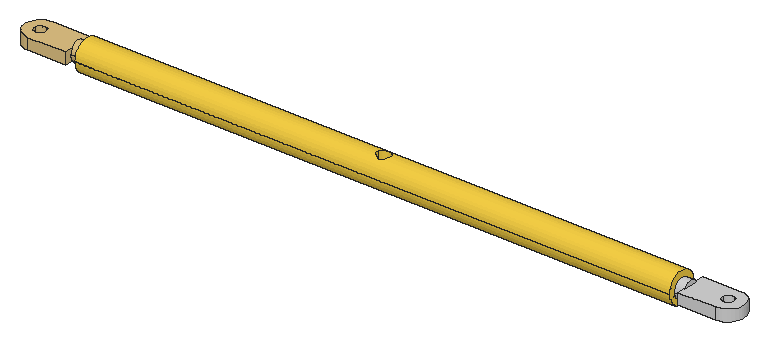
Revit family "PUSH-PULL PROP 1,1-1,7_1900134", category Generic Models, Revit 2018
Family settings
  Can host rebar = No
  Round Connector Dimension = Use Diameter
  Part Type = Normal
  OmniClass Number = 35.51.14.00
  OmniClass Title = FORMWORK
  Work Plane-Based = Yes
  Always vertical = No
  Cut with Voids When Loaded = No
  Shared = Yes
  Room Calculation Point = No
Parameters
  VERSION = "20190101"  # constant formula
  URL = "www.ulmaconstruction.com/en"
  UNICLASS = ""
  Manufacturer = "ULMA CONSTRUCTION"  # constant formula
  MIN LENGTH = 1100.000 mm
  MAX LENGTH = 1700.000 mm
  LENGTH [instance] = 1100.000 mm
  ITEM_LENGTH [instance] = if(LENGTH < MIN LENGTH, MIN LENGTH, if(LENGTH < MAX LENGTH, LENGTH, MAX LENGTH))  # 1100.000 mm
  FILTER [instance] = ""
  Default Elevation = 0.000 mm
  CLASSIFICATION_TITLE = ""
  CLASSIFICATION_NUMBER = ""
Reference planes
  plane 1 "Centro (Frontal/Posterior)": y = 0
  plane 2: z = 0
  plane 3 "Centro (Izquierda/Derecha)": x = 0
  plane 4 "MIDDLE": x = 550
  plane 5 "LEFT SCREW START": x = 60
  plane 6 "LEFT SCREW END": x = 420
  plane 7 "BODY START": x = 75
  plane 8 "BODY END": x = 1025
  plane 9 "RIGHT SCREW END": x = 680
  plane 10 "RIGHT SCREW START": x = 1040
  plane 11 "ITEM_LENGTH": x = 1100
  plane 12 "LENGTH": x = 1100
Forms (mm)
  Extrusion 1, solid, material "ULMA YELLOW", detail levels medium+fine
    sketch origin (75, 97.331, 1219.2) x (0, 1, 0) y (0, 0, 1)
      loop
        circle (-97.331, -1219.2) r 24
    from 0 to 950
  Extrusion 2, solid, material "ULMA BICHROMATE", detail levels medium+fine
    sketch origin (0, 0, 0) x (1, 0, 0) y (0, 1, 0)
      loop
        line (60, -25) -> (60, 25) -> (0, 25)
        arc (0, 25) -> (-25, 0) -> (0, -25) r 25
        line (0, -25) -> (60, -25)
      loop
        circle (0, 0) r 9
    from -9 to 9
  Extrusion 3, solid, material "ULMA BICHROMATE", detail levels medium+fine
    sketch origin (60, 91.7, 1219.2) x (0, 1, 0) y (0, 0, 1)
      loop
        circle (-91.7, -1219.2) r 15
    from 0 to 360
  Extrusion 4, solid, material "ULMA ZINC", detail levels medium+fine
    sketch origin (1100, 0, 0) x (-1, 0, 0) y (0, -1, 0)
      loop
        line (60, 25) -> (0, 25)
        arc (0, 25) -> (-25, 0) -> (0, -25) r 25
        line (0, -25) -> (60, -25) -> (60, 25)
      loop
        circle (0, 0) r 9
    from -9 to 9
  Extrusion 5, solid, material "ULMA ZINC", detail levels medium+fine
    sketch origin (1040, 91.7, 1219.2) x (0, 1, 0) y (0, 0, -1)
      loop
        circle (-91.7, 1219.2) r 15
    from 0 to 360
  Extrusion 6, void
    sketch origin (0, 0, 0) x (1, 0, 0) y (0, 1, 0)
      loop
        circle (550, 0) r 10.7
    from -50 to 50
Cuts and joins
  Extrusion 6 cuts Extrusion 1
Lines and regions (mm)
  model lines, style "ULMA PUSH-PULL PROP", detail levels coarse
    curve 1: line (0, 0, 0) -> (1100, 0, 0)
Dimensions and locks
  "ITEM_LENGTH": plane 3 "Centro (Izquierda/Derecha)" to plane 11 "ITEM_LENGTH"
  "LENGTH": plane 3 "Centro (Izquierda/Derecha)" to plane 12 "LENGTH"
  locked: plane 3 "Centro (Izquierda/Derecha)" to plane 5 "LEFT SCREW START" at 60
  locked: plane 5 "LEFT SCREW START" to plane 6 "LEFT SCREW END" at 360
  locked: plane 10 "RIGHT SCREW START" to plane 11 "ITEM_LENGTH" at 60
  locked: plane 9 "RIGHT SCREW END" to plane 10 "RIGHT SCREW START" at 360
  equal spacing: plane 3 "Centro (Izquierda/Derecha)", plane 4 "MIDDLE", plane 11 "ITEM_LENGTH"
  equal spacing: plane 7 "BODY START", plane 4 "MIDDLE", plane 8 "BODY END"
  locked: plane 7 "BODY START" to plane 8 "BODY END" at 950
  diameter of Extrusion 3 sketch curve = 30.000 mm
  diameter of Extrusion 5 sketch curve = 30.000 mm
  diameter of Extrusion 1 sketch curve = 48.000 mm
  aligned and locked: level to plane 2
  aligned and locked: Extrusion 1 to plane 7 "BODY START"
  aligned and locked: plane 8 "BODY END" to Extrusion 1
  aligned and locked: plane 5 "LEFT SCREW START" to Extrusion 2
  aligned and locked: Extrusion 3 to plane 5 "LEFT SCREW START"
  aligned and locked: plane 6 "LEFT SCREW END" to Extrusion 3
  aligned and locked: plane 10 "RIGHT SCREW START" to Extrusion 4
  aligned and locked: Extrusion 5 to plane 10 "RIGHT SCREW START"
  aligned and locked: Extrusion 5 to plane 9 "RIGHT SCREW END"
Automatic sketch dimensions
  Extrusion 2 sketch curve to Extrusion 2 sketch curve = 0.000 mm  (x2)
  Extrusion 2 sketch curve to plane 3 "Centro (Izquierda/Derecha)" = 0.000 mm
  Extrusion 2 sketch curve to plane 5 "LEFT SCREW START" = 0.000 mm
  plane 1 "Centro (Frontal/Posterior)" to Extrusion 2 sketch curve = 0.000 mm
  plane 1 "Centro (Frontal/Posterior)" to Extrusion 2 sketch curve = 25.000 mm
  Extrusion 4 sketch curve to Extrusion 4 sketch curve = 0.000 mm  (x2)
  plane 1 "Centro (Frontal/Posterior)" to Extrusion 4 sketch curve = 0.000 mm
  Extrusion 4 sketch curve to plane 10 "RIGHT SCREW START" = 0.000 mm
  Extrusion 4 sketch curve to plane 1 "Centro (Frontal/Posterior)" = 25.000 mm
  Extrusion 4 sketch curve to Extrusion 4 sketch curve = 60.000 mm
  plane 1 "Centro (Frontal/Posterior)" to Extrusion 6 sketch curve = 0.000 mm
  Extrusion 6 sketch curve to plane 4 "MIDDLE" = 0.000 mm
  plane 1 "Centro (Frontal/Posterior)" to curve 1 = 0.000 mm
  curve 1 to plane 3 "Centro (Izquierda/Derecha)" = 0.000 mm
  curve 1 to plane 11 "ITEM_LENGTH" = 0.000 mm
  Extrusion 1 sketch curve to level = 0.000 mm
  Extrusion 1 sketch curve to plane 1 "Centro (Frontal/Posterior)" = 0.000 mm
  Extrusion 3 sketch curve to level = 0.000 mm
  Extrusion 3 sketch curve to plane 1 "Centro (Frontal/Posterior)" = 0.000 mm
  Extrusion 5 sketch curve to level = 0.000 mm
  Extrusion 5 sketch curve to plane 1 "Centro (Frontal/Posterior)" = 0.000 mm
  radius of Extrusion 2 sketch curve = 9.000 mm
  radius of Extrusion 4 sketch curve = 9.000 mm
  radius of Extrusion 6 sketch curve = 10.700 mm
